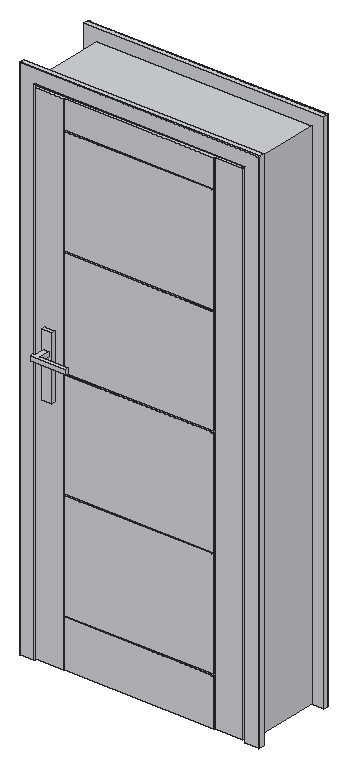
Revit family "PortaVECTORbp_W", category Doors, host Wall, Revit 2013
Parameters (values of type "PN 80")
  Zakres szerokości muru [instance] = if(and(Szerokość ściany > 94 mm, Szerokość ściany < 120 mm), "B", (if(and(Szerokość ściany > 119 mm, Szerokość ściany < 140 mm), "C", (if(and(Szerokość ściany > 139 mm, Szerokość ściany < 160 mm), "D", (if(and(Szerokość ściany > 159 mm, Szerokość ściany < 180 mm), "E", (if(and(Szerokość ściany > 179 mm, Szerokość ściany < 200 mm), "F", (if(and(Szerokość ściany > 199 mm, Szerokość ściany < 220 mm), "G", (if(and(Szerokość ściany > 219 mm, Szerokość ściany < 240 mm), "H", (if(and(Szerokość ściany > 239 mm, Szerokość ściany < 260 mm), "I", (if(and(Szerokość ściany > 259 mm, Szerokość ściany < 280 mm), "J", (if(and(Szerokość ściany > 279 mm, Szerokość ściany < 301 mm), "K", "BRAK")))))))))))))))))))  # "K"
  Rough Height = 2060 mm
  Szerokość ściany [instance] = 300 mm
  Rough Width = 880 mm
  Model = "Porta Vector W"
  Function = Interior
  URL = "www.porta.com.pl"
  Ss = 818 mm
  Sb = 846 mm
  Manufacturer = "PORTA KMI POLAND"
  Keynote = ""
  Description = "Biblioteki CAD produktów firmy PORTA KMI POLAND wraz z ich wizualizacjami są chronione prawami własności przemysłowej i intelektualnej. Można je wykorzystywać do handlowych celów osobistych poprzez zastosowanie w projektach, jednak nie wolno ich powielać, modyfikować, licencjonować ani publikować, w całości ani w części, chyba że celem przeglądania, bez uprzedniej pisemnej zgody PORTA KMI Poland. www.porta.com.pl"
  Height = 2016 mm
  Wall Closure = By host
  Width = 800 mm
  Materiał_skrzydło [instance] = none
  Materiał_ościeżnica [instance] = none
  Materiał_klamka [instance] = none
  Hs = 2017 mm
Types (3, lengths in mm): name | Rough Width | Ss | Sb | Width
  (no name) | 880 | 818 | 846 | 800
  PN 80 | 880 | 818 | 846 | 800
  PN 90 | 980 | 918 | 946 | 900
Reference planes
  plane 1: y = 0
  plane 2 "Środek (Lewa/Prawa)": x = 0
  plane 3 "Lewy": x = -440
  plane 4 "Prawy": x = 440
  plane 5: z = 2060
  plane 6 "Zewnętrzna": y = 150
  plane 7 "Wewnętrzna": y = -150
  plane 8 "skrzydło": y = -129
Forms (mm)
  Sweep 1, solid, material <- "Materiał_ościeżnica"
    path in 3D
      loop
        line (-440, -150, 0) -> (-440, -150, 2060) -> (440, -150, 2060) -> (440, -150, 0)
    profile origin (-440, -150, 1030) x (0, -1, 0) y (1, 0, 0)
      loop
        line (-24, 39) -> (-72, 39) -> (-72, 17) -> (0, 17) -> (0, -33) -> (16, -33)
        arc (16, -33) -> (18.121, -32.121) -> (19, -30) r 3
        line (19, -30) -> (19, 24)
        arc (19, 24) -> (18.121, 26.121) -> (16, 27) r 3
        line (16, 27) -> (-24, 27) -> (-24, 39)
  Sweep 2, solid, material <- "Materiał_ościeżnica"
    path in 3D
      loop
        line (440, 150, 0) -> (440, 150, 2060) -> (-440, 150, 2060) -> (-440, 150, 0)
    profile origin (-440, 150, 1030) x (1, 0, 0) y (0, 1, 0)
      loop
        line (-33, 0) -> (17, 0) -> (17, -228) -> (39, -228) -> (39, -1)
        arc (39, -1) -> (37.536, 2.536) -> (34, 4) r 5
        line (34, 4) -> (25, 4) -> (25, 16)
        arc (25, 16) -> (24.121, 18.121) -> (22, 19) r 3
        line (22, 19) -> (-30, 19)
        arc (-30, 19) -> (-32.121, 18.121) -> (-33, 16) r 3
        line (-33, 16) -> (-33, 0)
  Sweep 3, solid, not visible
    path in 3D
      loop
        line (-440, -150, 0) -> (-440, -150, 2060)
    profile origin (-440, -150, 1030) x (0, -1, 0) y (1, 0, 0)
      loop
        line (-151, 17) -> (-149, 17) -> (-149, 19) -> (-151, 19) -> (-151, 17)
Cuts and joins
  joined: Sweep 1, Sweep 2
Lines and regions (mm)
  Opening 1
    outline origin (-3050, -150, 0) x (1, 0, 0) y (0, 0, 1)
      loop
        line (2610, 0) -> (3490, 0) -> (3490, 2060) -> (2610, 2060) -> (2610, 0)
  sketch lines
    curve 1: line (-440, -150, 0) -> (-440, -150, 2060)
    curve 2: line (-440, -150, 2060) -> (440, -150, 2060)
    curve 3: line (440, -150, 2060) -> (440, -150, 0)
    curve 4: line (-440, 150, 2060) -> (-440, 150, 0)
    curve 5: line (440, 150, 2060) -> (-440, 150, 2060)
    curve 6: line (440, 150, 0) -> (440, 150, 2060)
    curve 12: line (-440, -150, 0) -> (-440, -150, 2060)
  symbolic lines, style "DoorsPanelProjection"
    curve 7: line (409, -150, 0) -> (409, -968, 0)
    curve 8: line (409, -968, 0) -> (369, -968, 0)
    curve 9: line (369, -968, 0) -> (369, -150, 0)
    curve 10: line (369, -150, 0) -> (409, -150, 0)
  symbolic lines, style "Ugięcie rzutu"
    curve 11: arc (-409, -150, 0) -> (-169.413, -728.413, 0) -> (409, -968, 0) r 818
Text (mm)
  text "Zewnętrzna" at (-2295.016, 1099.543, 0), in view "Poziom odniesienia"
  text "Zewnętrzna" at (0, 1615.38, 3698.081), in view "Lewy"
  text "Zewnętrzna" at (0, 1036.032, 3874.932), in view "Prawy"
Dimensions and locks
  equal spacing: plane 3 "Lewy", plane 2 "Środek (Lewa/Prawa)", plane 4 "Prawy"
  "Rough Width": plane 3 "Lewy" to plane 4 "Prawy"
  "Rough Height": plane 5 to host wall
  host wall to plane 5 = 2060 mm  (x2)
  locked: plane 6 "Zewnętrzna" to host wall at 0
  locked: plane 7 "Wewnętrzna" to host wall
  "Sb": Sweep 1 to Sweep 1
  locked: Sweep 1 sketch curve to Sweep 1 sketch curve at 22
  Sweep 1 sketch curve to Sweep 1 sketch curve = 50 mm
  locked: Sweep 1 sketch curve to profile plane at 72
  locked: Sweep 2 sketch curve to Sweep 2 sketch curve at 50
  locked: Sweep 2 sketch curve to Sweep 2 sketch curve at 22
  locked: Sweep 2 sketch curve to plane 6 "Zewnętrzna" at 1
  locked: curve 9 to curve 7 at 40
  "Ss": curve 8 to curve 10
  equal spacing: curve 11, plane 2 "Środek (Lewa/Prawa)", curve 7
  locked: plane 7 "Wewnętrzna" to plane 8 "skrzydło" at 21
  locked: host wall to Sweep 3 sketch curve at 1
  locked: Sweep 3 sketch curve to host wall at 1
  locked: Sweep 3 sketch curve to plane 6 "Zewnętrzna" at 151
  locked: plane 7 "Wewnętrzna" to Sweep 3 sketch curve at 151
  equal spacing: nested 1, plane 2 "Środek (Lewa/Prawa)", nested 1
  locked: nested 1 to level at 8
  "Szerokość ściany": host wall to host wall
  aligned and locked: plane 3 "Lewy" to Opening 1 sketch curve
  aligned and locked: plane 5 to Opening 1 sketch curve  (x2)
  aligned and locked: Opening 1 sketch curve to plane 4 "Prawy"
  aligned and locked: Opening 1 sketch curve to level
  aligned and locked: plane 1 to host wall
  aligned and locked: Sweep 1 to Sweep 2 sketch curve
  aligned and locked: plane 7 "Wewnętrzna" to curve 10
  aligned and locked: Sweep 3 sketch curve to cut or joined group of Sweep 1, Sweep 2
  aligned and locked: Sweep 2 sketch curve to cut or joined group of Sweep 1, Sweep 2
  aligned and locked: nested 1 to plane 8 "skrzydło"
Automatic sketch dimensions
  profile plane to Sweep 1 sketch curve = 24 mm
  Sweep 1 sketch curve to profile plane = 16 mm  (x2)
  Sweep 1 sketch curve to Sweep 1 sketch curve = 3 mm
  profile plane to Sweep 1 sketch curve = 17 mm
  Sweep 1 sketch curve to Sweep 1 sketch curve = 7 mm
  Sweep 1 sketch curve to profile plane = 0 mm
  Sweep 2 sketch curve to profile plane = 0 mm
  Sweep 2 sketch curve to profile plane = 16 mm
  Sweep 2 sketch curve to Sweep 2 sketch curve = 3 mm
  Sweep 2 sketch curve to Sweep 2 sketch curve = 5 mm
  Sweep 2 sketch curve to profile plane = 4 mm
  Sweep 2 sketch curve to Sweep 2 sketch curve = 8 mm
  curve 11 to host wall = 0 mm
  Sweep 3 sketch curve to Sweep 3 sketch curve = 2 mm
Nested families
  nested 1: "skrzydło" at (0, -135.5, 0), Materiał_klamka <- "Materiał_klamka", Materiał_skrzydło <- "Materiał_skrzydło", type "skrzydło"
    with Materiał_skrzydło none, Materiał_klamka none
Definition of nested family "skrzydło"
  Parameters (values of type "skrzydło")
    Ss = 818 mm
    Materiał_skrzydło [instance] = domyślne
    Materiał_klamka [instance] = none
    Hs = 2017 mm
  Reference planes
    plane 1 "Tył": y = 6.5
    plane 2: z = 0
    plane 3 "Środek (Lewa/Prawa)": x = 0
    plane 4 "Lewa": x = -409
    plane 5 "Prawa": x = 409
    plane 6 "Przód": y = -33.5
    plane 7: z = 2025
    plane 8 "Centrum": y = -13.5
    plane 9: z = 8
  Forms (mm)
    Extrusion 1, solid, material "domyślne" <- "Materiał_skrzydło"
      sketch origin (-1191.728, -1524, 8) x (-1, 0, 0) y (0, -1, 0)
        loop
          line (-782.728, -1490.5) -> (-1600.728, -1490.5) -> (-1600.728, -1530.5) -> (-782.728, -1530.5) -> (-782.728, -1490.5)
      from 0 to 2017
    Extrusion 2, void
      sketch origin (-2140.117, -33.5, 1200) x (1, 0, 0) y (0, 0, 1)
        loop
          line (1840.117, -1192) -> (1846.117, -1192) -> (1846.117, -1005) -> (2434.117, -1005) -> (2434.117, -1192) -> (2440.117, -1192) -> (2440.117, 825) -> (2434.117, 825) -> (2434.117, 716) -> (1846.117, 716) -> (1846.117, 825) -> (1840.117, 825) -> (1840.117, -1192)
        loop
          line (2434.117, -576.25) -> (1846.117, -576.25) -> (1846.117, -999) -> (2434.117, -999) -> (2434.117, -576.25)
        loop
          line (1846.117, -570.25) -> (2434.117, -570.25) -> (2434.117, -147.5) -> (1846.117, -147.5) -> (1846.117, -570.25)
        loop
          line (1846.117, -141.5) -> (2434.117, -141.5) -> (2434.117, 281.25) -> (1846.117, 281.25) -> (1846.117, -141.5)
        loop
          line (1846.117, 287.25) -> (2434.117, 287.25) -> (2434.117, 710) -> (1846.117, 710) -> (1846.117, 287.25)
      from 2 to -1
    Extrusion 3, void
      sketch origin (0, 6.5, 0) x (-1, 0, 0) y (0, 0, 1)
        loop
          line (300, 8) -> (300, 2025) -> (294, 2025) -> (294, 1916) -> (-294, 1916) -> (-294, 2025) -> (-300, 2025) -> (-300, 8) -> (-294, 8) -> (-294, 195) -> (294, 195) -> (294, 8) -> (300, 8)
        loop
          line (294, 201) -> (294, 623.75) -> (-294, 623.75) -> (-294, 201) -> (294, 201)
        loop
          line (294, 629.75) -> (294, 1052.5) -> (-294, 1052.5) -> (-294, 629.75) -> (294, 629.75)
        loop
          line (294, 1058.5) -> (294, 1481.25) -> (-294, 1481.25) -> (-294, 1058.5) -> (294, 1058.5)
        loop
          line (294, 1487.25) -> (294, 1910) -> (-294, 1910) -> (-294, 1487.25) -> (294, 1487.25)
      from -1 to 2
  Cuts and joins
    Extrusion 2, Extrusion 3 cuts Extrusion 1
  Dimensions and locks
    equal spacing: plane 4 "Lewa", plane 3 "Środek (Lewa/Prawa)", plane 5 "Prawa"
    "Ss": plane 4 "Lewa" to plane 5 "Prawa"
    locked: plane 9 to level at 8
    "Hs": plane 7 to plane 9
    locked: nested 1 to plane 9 at 934
    locked: plane 9 to nested 2 at 934
    equal spacing: plane 6 "Przód", plane 8 "Centrum", plane 1 "Tył"
    locked: plane 4 "Lewa" to nested 1 at 55
    locked: plane 4 "Lewa" to nested 2 at 55
    Extrusion 2 sketch curve to Extrusion 2 sketch curve to Extrusion 2 sketch curve to Extrusion 2 sketch curve to Extrusion 2 sketch curve to Extrusion 2 sketch curve to Extrusion 2 sketch curve to Extrusion 2 sketch curve to Extrusion 2 sketch curve to Extrusion 2 sketch curve to plane 9 = 6 mm locked, 422.75 mm locked, 6 mm locked, 422.75 mm locked, 6 mm locked, 422.75 mm locked, 6 mm locked, 422.75 mm locked, 6 mm locked, 187 mm locked
    aligned and locked: nested 1 to plane 6 "Przód"
    aligned and locked: plane 4 "Lewa" to Extrusion 1 sketch curve
    aligned and locked: plane 7 to Extrusion 1
    aligned and locked: nested 2 to nested 1
    aligned and locked: Extrusion 1 sketch curve to plane 5 "Prawa"
    aligned and locked: Extrusion 1 sketch curve to plane 1 "Tył"
    aligned and locked: Extrusion 1 sketch curve to plane 6 "Przód"
    aligned and locked: Extrusion 2 sketch curve to plane 7  (x2)
    aligned and locked: Extrusion 2 sketch curve to plane 9  (x2)
    aligned and locked: Extrusion 3 sketch curve to cut or joined group of Extrusion 1, Extrusion 2, Extrusion 3  (x24)
    aligned and locked: cut or joined group of Extrusion 1, Extrusion 2, Extrusion 3 to Extrusion 3 sketch curve  (x4)
  Automatic sketch dimensions
    plane 4 "Lewa" to Extrusion 2 sketch curve = 115 mm  (x2)
    Extrusion 2 sketch curve to Extrusion 2 sketch curve = 0 mm  (x6)
    Extrusion 2 sketch curve to Extrusion 2 sketch curve = 6 mm  (x2)
    plane 4 "Lewa" to Extrusion 2 sketch curve = 109 mm
    Extrusion 2 sketch curve to plane 5 "Prawa" = 115 mm  (x3)
  Nested families
    nested 1: "KLAMKA" at (-354, -33.5, 1067), Materiał klamki <- "Materiał_klamka", type "KLAMKA"
      with Materiał klamki none
    nested 2: "KLAMKA" at (-354, 6.5, 1067), Materiał klamki <- "Materiał_klamka", type "KLAMKA"
      with Materiał klamki none
  Definition of nested family "KLAMKA"
    Parameters (values of type "KLAMKA")
      Materiał klamki [instance] = none
      Assembly Code = ""
      Default Elevation = 1219.2 mm
    Reference planes
      plane 1 "Center (Front/Back)": y = 0
      plane 2: z = 0
      plane 3 "Center (Left/Right)": x = 0
      plane 4: z = 125
      plane 5: z = -125
      plane 6: x = 20
      plane 7: x = -20
      plane 8: y = -70
      plane 9: y = -60
      plane 10: x = 10
      plane 11: x = -10
      plane 12: x = 120
      plane 13: z = 35
      plane 14: z = 55
      plane 15: y = -15
    Forms (mm)
      Extrusion 1, solid, material <- "Materiał klamki"
        sketch origin (0, 0, 0) x (1, 0, 0) y (0, 0, 1)
          loop
            line (-20, 125) -> (-20, -125) -> (20, -125) -> (20, 125) -> (-20, 125)
        from 0 to 15
      Extrusion 2, solid, material <- "Materiał klamki"
        sketch origin (0, 0, 0) x (1, 0, 0) y (0, 1, 0)
          loop
            line (-10, -15) -> (-10, -60) -> (-20, -60) -> (-20, -70) -> (120, -70) -> (120, -60) -> (10, -60) -> (10, -15) -> (-10, -15)
        from 35 to 55
    Dimensions and locks
      equal spacing: plane 4, plane 2, plane 5
      plane 4 to plane 5 = 250 mm
      equal spacing: plane 7, plane 3 "Center (Left/Right)", plane 6
      plane 7 to plane 6 = 40 mm
      plane 8 to plane 1 "Center (Front/Back)" = 70 mm
      plane 11 to plane 3 "Center (Left/Right)" to plane 10 = 10 mm locked, 10 mm locked
      plane 7 to plane 12 = 140 mm
      plane 15 to plane 1 "Center (Front/Back)" = 15 mm
      aligned and locked: plane 7 to Extrusion 1 sketch curve
      aligned and locked: Extrusion 1 sketch curve to plane 4
      aligned and locked: plane 5 to Extrusion 1 sketch curve
      aligned and locked: Extrusion 1 sketch curve to plane 6
      aligned and locked: plane 15 to Extrusion 1
      aligned and locked: Extrusion 1 to plane 1 "Center (Front/Back)"
      aligned and locked: plane 14 to Extrusion 2
      aligned and locked: Extrusion 2 to plane 13
    Automatic sketch dimensions
      Extrusion 2 sketch curve to plane 7 = 0 mm
      Extrusion 2 sketch curve to plane 9 = 0 mm  (x2)
      Extrusion 2 sketch curve to plane 11 = 0 mm
      Extrusion 2 sketch curve to plane 10 = 0 mm
      Extrusion 2 sketch curve to plane 12 = 0 mm
      Extrusion 2 sketch curve to plane 8 = 0 mm
      Extrusion 2 sketch curve to plane 15 = 0 mm
